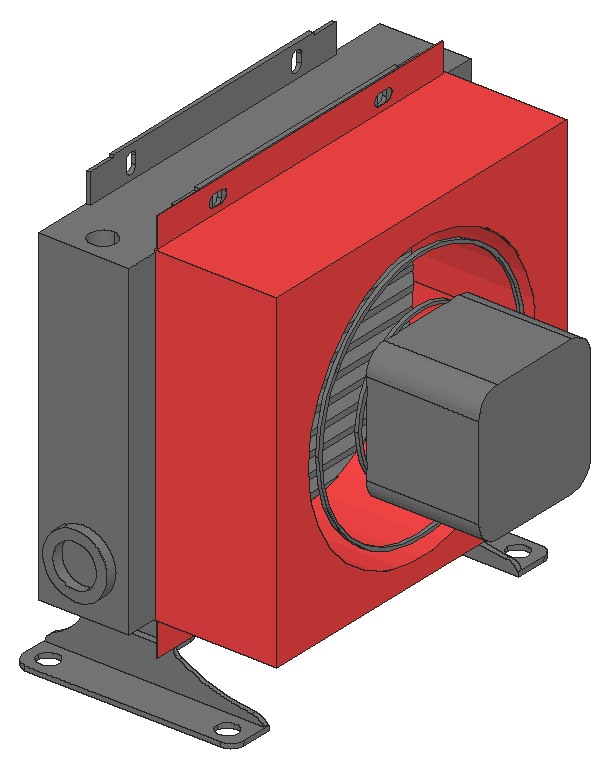
Revit family "MIT-A14Y-01", category Specialty Equipment, Revit 2022
Family settings
  Round Connector Dimension = Use Radius
  Part Type = Normal
  Work Plane-Based = No
  Always vertical = Yes
  Cut with Voids When Loaded = No
  Maintain Annotation Orientation = No
  Shared = No
  Room Calculation Point = No
Parameters
  URL = "https://en.ekinendustriyel.com/fan-driven-oil-coolers"
  Model = "MIT-A14Y-01"
  Manufacturer = "Ekin Endüstriyel"
  Keynote = "Fan Driven Oil Coolers"
  Description = "MIT- Fan Driven Oil Coolers"
  Default Elevation = 0 mm
Reference planes
  plane 1 "Center (Front/Back)": y = 0
  plane 2: z = 0
  plane 3 "Center (Left/Right)": x = 0
Forms (mm)
  Extrusion 1, solid, material "Ekin Endustriyel-S235JR", detail levels medium+fine
    sketch origin (0, -0.99, 0) x (0, 1, 0) y (0, 0, 1)
      loop
        line (150.799, 284.525) -> (-148.889, 284.525) -> (-148.889, 54.369) -> (150.799, 54.369) -> (150.799, 284.525)
      loop
        line (115.99, 278.883) -> (-114.01, 278.883) -> (-114.01, 269.383) -> (115.99, 269.383) -> (115.99, 278.883)
      loop
        line (115.99, 265.783) -> (-114.01, 265.783) -> (-114.01, 256.283) -> (115.99, 256.283) -> (115.99, 265.783)
      loop
        line (115.99, 252.683) -> (-114.01, 252.683) -> (-114.01, 243.183) -> (115.99, 243.183) -> (115.99, 252.683)
      loop
        line (115.99, 239.583) -> (-114.01, 239.583) -> (-114.01, 230.083) -> (115.99, 230.083) -> (115.99, 239.583)
      loop
        line (115.99, 226.483) -> (-114.01, 226.483) -> (-114.01, 216.983) -> (115.99, 216.983) -> (115.99, 226.483)
      loop
        line (115.99, 213.383) -> (-114.01, 213.383) -> (-114.01, 203.883) -> (115.99, 203.883) -> (115.99, 213.383)
      loop
        line (115.99, 200.283) -> (-114.01, 200.283) -> (-114.01, 190.783) -> (115.99, 190.783) -> (115.99, 200.283)
      loop
        line (115.99, 187.183) -> (-114.01, 187.183) -> (-114.01, 177.683) -> (115.99, 177.683) -> (115.99, 187.183)
      loop
        line (115.99, 174.083) -> (-114.01, 174.083) -> (-114.01, 164.583) -> (115.99, 164.583) -> (115.99, 174.083)
      loop
        line (115.99, 160.983) -> (-114.01, 160.983) -> (-114.01, 151.483) -> (115.99, 151.483) -> (115.99, 160.983)
      loop
        line (115.99, 147.883) -> (-114.01, 147.883) -> (-114.01, 138.383) -> (115.99, 138.383) -> (115.99, 147.883)
      loop
        line (115.99, 134.783) -> (-114.01, 134.783) -> (-114.01, 125.283) -> (115.99, 125.283) -> (115.99, 134.783)
      loop
        line (115.99, 121.683) -> (-114.01, 121.683) -> (-114.01, 112.183) -> (115.99, 112.183) -> (115.99, 121.683)
      loop
        line (115.99, 108.583) -> (-114.01, 108.583) -> (-114.01, 99.083) -> (115.99, 99.083) -> (115.99, 108.583)
      loop
        line (115.99, 95.483) -> (-114.01, 95.483) -> (-114.01, 85.983) -> (115.99, 85.983) -> (115.99, 95.483)
      loop
        line (115.99, 82.383) -> (-114.01, 82.383) -> (-114.01, 72.883) -> (115.99, 72.883) -> (115.99, 82.383)
      loop
        line (115.99, 69.283) -> (-114.01, 69.283) -> (-114.01, 59.783) -> (115.99, 59.783) -> (115.99, 69.283)
    from 0 to 63.204
  Extrusion 2, solid, material "Ekin Endustriyel-S235JR", detail levels medium+fine
    sketch origin (0, 46.049, 0) x (1, 0, 0) y (0, 0, 1)
      loop
        circle (31.5, 244.69) r 15.425
      loop
        arc (10.562, 252.927) -> (22.387, 224.118) -> (51.669, 234.718) r 22.5
        arc (51.669, 234.718) -> (40.613, 265.262) -> (10.562, 252.927) r 22.5
    from -104.01 to -115
  Extrusion 3, solid, material "Ekin Endustriyel-S235JR", detail levels medium+fine
    sketch origin (0, 0, 1.562) x (1, 0, 0) y (0, 0, 1)
      loop
        circle (31.5, 88.128) r 22.5
      loop
        circle (31.5, 88.128) r 15.425
    from 149.879 to 157
  Extrusion 4, solid, material "Ekin Endustriyel_S235JR", detail levels medium+fine
    sketch origin (0, 0, 0) x (0, 1, 0) y (0, 0, 1)
      loop
        line (-126.75, 53.41) -> (127.432, 53.41) -> (127.432, 286.333) -> (-126.75, 286.333) -> (-126.75, 53.41)
      loop
        circle (-0.035, 167.19) r 100
    from 63.204 to 148.93
  Extrusion 5, solid, material "Ekin Endustriyel_S235JR", detail levels medium+fine
    sketch origin (61.704, 0, 61.923) x (0, 1, 0) y (0, 0, 1)
      loop
        line (-125.035, 244.768) -> (-125.035, 224.41) -> (124.965, 224.41) -> (124.965, 244.768) -> (-125.035, 244.768)
      loop
        line (75.965, 237.268) -> (68.965, 237.268)
        arc (68.965, 237.268) -> (64.465, 232.768) -> (68.965, 228.268) r 4.5
        line (68.965, 228.268) -> (75.965, 228.268)
        arc (75.965, 228.268) -> (80.465, 232.768) -> (75.965, 237.268) r 4.5
      loop
        line (-76.035, 228.268) -> (-69.035, 228.268)
        arc (-69.035, 228.268) -> (-64.535, 232.768) -> (-69.035, 237.268) r 4.5
        line (-69.035, 237.268) -> (-76.035, 237.268)
        arc (-76.035, 237.268) -> (-80.535, 232.768) -> (-76.035, 228.268) r 4.5
    from 1.296 to 2.296
  Sweep 6, solid, material "Ekin Endustriyel-S235JR", detail levels fine
    path origin (0, 37.412, 0) x (0, -1, 0) y (0, 0, -1)
      loop
        line (-54.233, -26.19) -> (-72.243, -26.19) -> (-72.243, 0) -> (-104.233, 0)
    profile origin (0, 100.65, 26.19) x (0, 0, 1) y (1, 0, 0)
      loop
        line (0, -29.098) -> (2.995, -29.098) -> (2.995, 130.829) -> (0, 130.829) -> (0, -29.098)
  Extrusion 7, void
    sketch origin (0, 37.412, 0) x (1, 0, 0) y (0, 1, 0)
      loop
        circle (114.491, 89.973) r 7.5
      loop
        circle (52, 60.053) r 3.4
      loop
        circle (12, 60.053) r 3.4
      loop
        line (9.13, 48.477) -> (54.307, 48.477)
        arc (54.307, 48.477) -> (60.782, 51.706) -> (63.438, 58.438) r 10.105
        line (63.438, 58.438) -> (63.438, 72.243) -> (129.5, 72.243) -> (129.5, 93.861)
        arc (129.5, 93.861) -> (126.635, 100.167) -> (120.439, 103.262) r 10.37
        line (120.439, 103.262) -> (-16.602, 103.262)
        arc (-16.602, 103.262) -> (-23.1, 99.839) -> (-25.701, 92.97) r 10.37
        line (-25.701, 92.97) -> (-25.701, 72.243) -> (0, 72.243) -> (0, 58.438)
        arc (0, 58.438) -> (2.655, 51.706) -> (9.13, 48.477) r 10.105
      loop
        line (-42.92, 29.216) -> (153.731, 29.216) -> (153.731, 129.216) -> (-42.92, 129.216) -> (-42.92, 29.216)
      loop
        circle (-10.967, 89.973) r 7.5
    from -5.013 to 36.328
  Extrusion 8, void
    sketch origin (0, 0, 0) x (1, 0, 0) y (0, 0, 1)
      loop
        line (139.5, 34.5) -> (-33.827, 34.5) -> (-33.827, 2.995) -> (-25.297, 2.995)
        arc (-25.297, 2.995) -> (-23.22, 7.347) -> (-19.349, 10.221) r 10
        arc (-19.349, 10.221) -> (-9.431, 16.043) -> (-1.436, 24.311) r 42.5
        arc (-1.436, 24.311) -> (-0.17, 26.625) -> (0.446, 29.19) r 10
        line (0.446, 29.19) -> (64.163, 29.19)
        arc (64.163, 29.19) -> (65.884, 26.292) -> (68.469, 24.13) r 10
        arc (68.469, 24.13) -> (93.386, 13.262) -> (120.134, 8.411) r 117.5
        arc (120.134, 8.411) -> (124.982, 6.795) -> (128.398, 2.995) r 10
        line (128.398, 2.995) -> (139.5, 2.995) -> (139.5, 34.5)
    from -140 to 147.002
  Extrusion 9, solid, material "Ekin Endustriyel-S235JR", detail levels fine
    sketch origin (0, 0, 0) x (1, 0, 0) y (0, 0, 1)
      loop
        line (3, 29.185) -> (60, 29.185) -> (60, 54.41) -> (3, 54.41) -> (3, 29.185)
    from 106.5 to 107.5
  Extrusion 10, solid, material "Ekin Endustriyel-S235JR", detail levels fine
    sketch origin (0, 139.233, 0) x (1, 0, 0) y (0, 0, 1)
      loop
        line (3, 29.185) -> (60, 29.185) -> (60, 54.41) -> (3, 54.41) -> (3, 29.185)
    from 31.733 to 32.723
  Extrusion 11, solid, material "Ekin Endustriyel-S235JR", detail levels coarse
    sketch origin (0, 0, 0) x (0, 1, 0) y (0, 0, 1)
      loop
        line (150.049, 284.333) -> (-150.99, 284.333) -> (-150.99, 54.41) -> (-107.5, 54.41) -> (-107.5, 0) -> (107.5, 0) -> (107.5, 54.41) -> (150.049, 54.41) -> (150.049, 284.333)
    from 0 to 63.204
  Extrusion 12, solid, material "Ekin Endustriyel_S235JR", detail levels coarse
    sketch origin (0, 0, 0) x (0, 1, 0) y (0, 0, 1)
      loop
        line (-127.632, 286.333) -> (-127.632, 52.333) -> (127.344, 52.333) -> (127.344, 286.333) -> (-127.632, 286.333)
    from 63.204 to 148.93
  Extrusion 13, void
    sketch origin (0, -271.91, 175.333) x (1, 0, 0) y (0, 1, 0)
      loop
        circle (31.5, 139.375) r 9.3
    from 77.35 to 131.357
  Extrusion 14, solid, material "Ekin Endustriyel-S235JR", detail levels fine
    sketch origin (60, 0, 0) x (0, 1, 0) y (0, 0, 1)
      loop
        line (107.5, 284.525) -> (107.5, 305.19) -> (87.465, 305.19) -> (87.465, 307.19) -> (-87.535, 307.19) -> (-87.535, 305.19) -> (-107.5, 305.19) -> (-107.5, 284.525) -> (107.5, 284.525)
      loop
        line (76.965, 292.69) -> (76.965, 298.69)
        arc (76.965, 298.69) -> (72.465, 303.19) -> (67.965, 298.69) r 4.5
        line (67.965, 298.69) -> (67.965, 292.69)
        arc (67.965, 292.69) -> (72.465, 288.19) -> (76.965, 292.69) r 4.5
      loop
        line (-68.035, 292.69) -> (-68.035, 298.69)
        arc (-68.035, 298.69) -> (-72.535, 303.19) -> (-77.035, 298.69) r 4.5
        line (-77.035, 298.69) -> (-77.035, 292.69)
        arc (-77.035, 292.69) -> (-72.535, 288.19) -> (-68.035, 292.69) r 4.5
    from 0 to 3
  Extrusion 15, solid, material "Ekin Endustriyel-S235JR"
    sketch origin (0, 0, 0) x (0, 1, 0) y (0, 0, 1)
      loop
        arc (-32.5, 217.833) -> (-43.814, 213.147) -> (-48.5, 201.833) r 16
        line (-48.5, 201.833) -> (-48.5, 136.833)
        arc (-48.5, 136.833) -> (-43.814, 125.519) -> (-32.5, 120.833) r 16
        line (-32.5, 120.833) -> (32.5, 120.833)
        arc (32.5, 120.833) -> (43.814, 125.519) -> (48.5, 136.833) r 16
        line (48.5, 136.833) -> (48.5, 201.833)
        arc (48.5, 201.833) -> (43.814, 213.147) -> (32.5, 217.833) r 16
        line (32.5, 217.833) -> (-32.5, 217.833)
    from 148.93 to 227.933
  Extrusion 16, solid, material "Ekin Endustriyel-S235JR", detail levels medium+fine
    sketch origin (0, 0, 0) x (0, 1, 0) y (0, 0, 1)
      loop
        circle (0, 169.333) r 90
      loop
        circle (0, 169.333) r 88
      loop
        circle (0, 169.333) r 55
      loop
        circle (0, 169.333) r 53
      loop
        circle (0, 169.333) r 15
      loop
        circle (0, 169.333) r 13
    from 148.93 to 146.309
  Extrusion 17, solid, material "Ekin Endustriyel-S235JR", detail levels fine
    sketch origin (0, 0, 0) x (0, 1, 0) y (0, 0, 1)
      loop
        line (107.5, 284.525) -> (107.5, 305.19) -> (87.465, 305.19) -> (87.465, 307.19) -> (-87.535, 307.19) -> (-87.535, 305.19) -> (-107.5, 305.19) -> (-107.5, 284.525) -> (107.5, 284.525)
      loop
        line (76.965, 292.69) -> (76.965, 298.69)
        arc (76.965, 298.69) -> (72.465, 303.19) -> (67.965, 298.69) r 4.5
        line (67.965, 298.69) -> (67.965, 292.69)
        arc (67.965, 292.69) -> (72.465, 288.19) -> (76.965, 292.69) r 4.5
      loop
        line (-68.035, 292.69) -> (-68.035, 298.69)
        arc (-68.035, 298.69) -> (-72.535, 303.19) -> (-77.035, 298.69) r 4.5
        line (-77.035, 298.69) -> (-77.035, 292.69)
        arc (-77.035, 292.69) -> (-72.535, 288.19) -> (-68.035, 292.69) r 4.5
    from 0 to 3
  Sweep 18, solid, material "Ekin Endustriyel-S235JR", detail levels fine
    path origin (0, -37.412, 0) x (0, 1, 0) y (0, 0, 1)
      loop
        line (-54.233, 26.19) -> (-72.243, 26.19) -> (-72.243, 0) -> (-104.233, 0)
    profile origin (0, -100.65, 26.19) x (0, 0, -1) y (1, 0, 0)
      loop
        line (0, -29.098) -> (0, 130.829) -> (-2.995, 130.829) -> (-2.995, -29.098) -> (0, -29.098)
  Extrusion 19, void
    sketch origin (0, -37.412, 0) x (1, 0, 0) y (0, 1, 0)
      loop
        circle (114.491, -89.973) r 7.5
      loop
        circle (52, -60.053) r 3.4
      loop
        circle (12, -60.053) r 3.4
      loop
        arc (9.13, -48.477) -> (2.655, -51.706) -> (0, -58.438) r 10.105
        line (0, -58.438) -> (0, -72.243) -> (-25.701, -72.243) -> (-25.701, -92.97)
        arc (-25.701, -92.97) -> (-23.1, -99.839) -> (-16.602, -103.262) r 10.37
        line (-16.602, -103.262) -> (120.439, -103.262)
        arc (120.439, -103.262) -> (126.635, -100.167) -> (129.5, -93.861) r 10.37
        line (129.5, -93.861) -> (129.5, -72.243) -> (63.438, -72.243) -> (63.438, -58.438)
        arc (63.438, -58.438) -> (60.782, -51.706) -> (54.307, -48.477) r 10.105
        line (54.307, -48.477) -> (9.13, -48.477)
      loop
        line (-42.92, -29.216) -> (-42.92, -129.216) -> (153.731, -129.216) -> (153.731, -29.216) -> (-42.92, -29.216)
      loop
        circle (-10.967, -89.973) r 7.5
    from -5.013 to 36.328
  Extrusion 20, solid, material "Ekin Endustriyel_S235JR", detail levels medium+fine
    sketch origin (61.704, 0, 270.88) x (0, 1, 0) y (0, 0, 1)
      loop
        line (-125.035, -241.694) -> (124.965, -241.694) -> (124.965, -218.546) -> (-125.035, -218.546) -> (-125.035, -241.694)
      loop
        arc (75.965, -237.268) -> (80.465, -232.768) -> (75.965, -228.268) r 4.5
        line (75.965, -228.268) -> (68.965, -228.268)
        arc (68.965, -228.268) -> (64.465, -232.768) -> (68.965, -237.268) r 4.5
        line (68.965, -237.268) -> (75.965, -237.268)
      loop
        arc (-76.035, -228.268) -> (-80.535, -232.768) -> (-76.035, -237.268) r 4.5
        line (-76.035, -237.268) -> (-69.035, -237.268)
        arc (-69.035, -237.268) -> (-64.535, -232.768) -> (-69.035, -228.268) r 4.5
        line (-69.035, -228.268) -> (-76.035, -228.268)
    from 1.296 to 2.296
  Extrusion 21, solid, material "Ekin Endustriyel-S235JR", detail levels fine
    sketch origin (60, 0, 333.802) x (0, 1, 0) y (0, 0, 1)
      loop
        line (107.5, -279.433) -> (-107.5, -279.433) -> (-107.5, -304.617) -> (-87.535, -304.617) -> (-87.535, -307.19) -> (87.465, -307.19) -> (87.465, -304.617) -> (107.5, -304.617) -> (107.5, -279.433)
      loop
        arc (76.965, -292.69) -> (72.465, -288.19) -> (67.965, -292.69) r 4.5
        line (67.965, -292.69) -> (67.965, -298.69)
        arc (67.965, -298.69) -> (72.465, -303.19) -> (76.965, -298.69) r 4.5
        line (76.965, -298.69) -> (76.965, -292.69)
      loop
        arc (-68.035, -292.69) -> (-72.535, -288.19) -> (-77.035, -292.69) r 4.5
        line (-77.035, -292.69) -> (-77.035, -298.69)
        arc (-77.035, -298.69) -> (-72.535, -303.19) -> (-68.035, -298.69) r 4.5
        line (-68.035, -298.69) -> (-68.035, -292.69)
    from 0 to 3
  Extrusion 22, solid, material "Ekin Endustriyel-S235JR", detail levels fine
    sketch origin (0, 0, 333.802) x (0, 1, 0) y (0, 0, 1)
      loop
        line (107.5, -279.433) -> (-107.5, -279.433) -> (-107.5, -304.617) -> (-87.535, -304.617) -> (-87.535, -307.19) -> (87.465, -307.19) -> (87.465, -304.617) -> (107.5, -304.617) -> (107.5, -279.433)
      loop
        arc (76.965, -292.69) -> (72.465, -288.19) -> (67.965, -292.69) r 4.5
        line (67.965, -292.69) -> (67.965, -298.69)
        arc (67.965, -298.69) -> (72.465, -303.19) -> (76.965, -298.69) r 4.5
        line (76.965, -298.69) -> (76.965, -292.69)
      loop
        arc (-68.035, -292.69) -> (-72.535, -288.19) -> (-77.035, -292.69) r 4.5
        line (-77.035, -292.69) -> (-77.035, -298.69)
        arc (-77.035, -298.69) -> (-72.535, -303.19) -> (-68.035, -298.69) r 4.5
        line (-68.035, -298.69) -> (-68.035, -292.69)
    from 0 to 3
Cuts and joins
  joined: Extrusion 4, Extrusion 5
  Extrusion 7, Extrusion 8, Extrusion 19 cuts Sweep 6
  Extrusion 7, Extrusion 13 cuts Extrusion 1
  Extrusion 7 cuts Extrusion 2
  Extrusion 7 cuts Extrusion 3
  Extrusion 8, Extrusion 19 cuts Sweep 18
Dimensions and locks
  aligned and locked: level to plane 2
Connectors
  piping at (22.5, -132.5, 284.525), diameter 18
    settings: on cut or joined group of Extrusion 1, Extrusion 7, Extrusion 13, index 4, connector inside diameter 609.6 mm, connector length 0 mm, flow factor 0, pipe flow 0.0 L/s, pressure drop 0.0 Pa, fitting loss kfactor 0, connector angle 0.00°, fixture units 0, engagement length 0 mm, angle of deflection 0.00°, flow configuration 0, flow direction 0, fitting loss method 0, system type 7, joint type 0, gender type 0, connector reference index -1, connector utility 0, adjustable connector no, is connector primary yes, connector description ""
  piping at (31.5, 161.049, 244.69), diameter 25.4
    settings: on cut or joined group of Extrusion 2, Extrusion 7, index 5, connector inside diameter 609.6 mm, connector length 0 mm, flow factor 0, pipe flow 0.0 L/s, pressure drop 0.0 Pa, fitting loss kfactor 0, connector angle 0.00°, fixture units 0, engagement length 0 mm, angle of deflection 0.00°, flow configuration 0, flow direction 0, fitting loss method 0, system type 7, joint type 0, gender type 0, connector reference index -1, connector utility 0, adjustable connector no, is connector primary no, connector description ""
  piping at (31.5, -157, 89.69), diameter 25.4
    settings: on cut or joined group of Extrusion 3, Extrusion 7, index 6, connector inside diameter 609.6 mm, connector length 0 mm, flow factor 0, pipe flow 0.0 L/s, pressure drop 0.0 Pa, fitting loss kfactor 0, connector angle 0.00°, fixture units 0, engagement length 0 mm, angle of deflection 0.00°, flow configuration 0, flow direction 0, fitting loss method 0, system type 7, joint type 0, gender type 0, connector reference index -1, connector utility 0, adjustable connector no, is connector primary no, connector description ""
